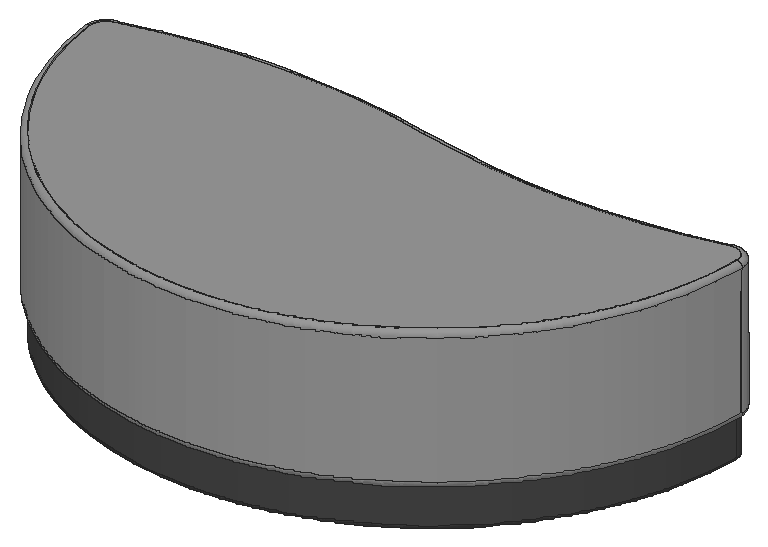
Revit family "16NS Creator Half Round Bench", category Generic Models, Revit 2018
Family settings
  Can host rebar = No
  Round Connector Dimension = Use Diameter
  Part Type = Normal
  Work Plane-Based = No
  Always vertical = Yes
  Cut with Voids When Loaded = No
  Shared = No
  Room Calculation Point = No
Parameters
  Fabric = 16NS Fabric
Reference planes (in)
  plane 1 "Center (Front/Back)": y = 0
  plane 2: z = 0
  plane 3 "Center (Left/Right)": x = 0
Forms (in)
  Extrusion 1, solid, material "16NS Fabric" <- "Fabric"
    sketch origin (0, 0, 0) x (1, 0, 0) y (0, 1, 0)
      loop
        spline (25.41721, 18.07301) -> (23.25025, 17.5331) -> (21.06517, 17.07704) -> (18.86344, 16.70503) -> (16.64912, 16.41786) -> (14.42562, 16.21593) -> (12.19586, 16.09952) -> (9.96493, 16.06879) -> (7.74126, 16.12339) -> (5.52438, 16.26275) -> (3.31452, 16.48666) -> (1.11167, 16.79533) -> (-1.08417, 17.18931)
        spline (-1.08417, 17.18931) -> (-3.31166, 17.58733) -> (-5.55147, 17.89619) -> (-7.80327, 18.11587) -> (-10.06254, 18.24581) -> (-12.32314, 18.28574) -> (-14.58492, 18.23571) -> (-16.84187, 18.09583) -> (-19.08434, 17.86718) -> (-21.31224, 17.55043) -> (-23.52565, 17.14583) -> (-25.72453, 16.65317) -> (-27.90879, 16.07185)
        spline (-27.90879, 16.07185) -> (-28.05882, 16.01903) -> (-28.2008, 15.94947) -> (-28.33467, 15.86318) -> (-28.45718, 15.76211) -> (-28.56661, 15.64794) -> (-28.66271, 15.52074) -> (-28.74291, 15.38381) -> (-28.8064, 15.23897) -> (-28.85292, 15.08633) -> (-28.8811, 14.93035) -> (-28.89088, 14.77238) -> (-28.88202, 14.61273)
        spline (-28.88202, 14.61273) -> (-27.23431, 7.84028) -> (-23.96064, 1.66707) -> (-19.26667, -3.50668) -> (-13.45985, -7.3541) -> (-6.87626, -9.65727) -> (0.08567, -10.26787) -> (6.97784, -9.14355) -> (13.363, -6.36496) -> (18.88001, -2.09101) -> (23.17929, 3.41929) -> (25.98371, 9.812) -> (27.12659, 16.70906)
        spline (27.12659, 16.70906) -> (27.11846, 16.92055) -> (27.07762, 17.12779) -> (27.00481, 17.32689) -> (26.90249, 17.51132) -> (26.7719, 17.67874) -> (26.61797, 17.8227) -> (26.44219, 17.94195) -> (26.25155, 18.0317) -> (26.04771, 18.0912) -> (25.83856, 18.11816) -> (25.62649, 18.11214) -> (25.41721, 18.07301)
    from 4 to 16.5
  Sweep 2, solid, material "16NS Fabric" <- "Fabric"
    path origin (0, 0, 0) x (1, 0, 0) y (0, 1, 0)
      loop
        spline (-28.88202, 14.61273) -> (-27.23431, 7.84028) -> (-23.96064, 1.66707) -> (-19.26667, -3.50668) -> (-13.45985, -7.3541) -> (-6.87626, -9.65727) -> (0.08567, -10.26787) -> (6.97784, -9.14355) -> (13.363, -6.36496) -> (18.88001, -2.09101) -> (23.17929, 3.41929) -> (25.98371, 9.812) -> (27.12659, 16.70906)
        spline (27.12659, 16.70906) -> (27.11846, 16.92055) -> (27.07762, 17.12779) -> (27.00481, 17.32689) -> (26.90249, 17.51132) -> (26.7719, 17.67874) -> (26.61797, 17.8227) -> (26.44219, 17.94195) -> (26.25155, 18.0317) -> (26.04771, 18.0912) -> (25.83856, 18.11816) -> (25.62649, 18.11214) -> (25.41721, 18.07301)
        spline (25.41721, 18.07301) -> (23.25025, 17.5331) -> (21.06517, 17.07704) -> (18.86344, 16.70503) -> (16.64912, 16.41786) -> (14.42562, 16.21593) -> (12.19586, 16.09952) -> (9.96493, 16.06879) -> (7.74126, 16.12339) -> (5.52438, 16.26275) -> (3.31452, 16.48666) -> (1.11167, 16.79533) -> (-1.08417, 17.18931)
        spline (-1.08417, 17.18931) -> (-3.31166, 17.58733) -> (-5.55147, 17.89619) -> (-7.80327, 18.11587) -> (-10.06254, 18.24581) -> (-12.32314, 18.28574) -> (-14.58492, 18.23571) -> (-16.84187, 18.09583) -> (-19.08434, 17.86718) -> (-21.31224, 17.55043) -> (-23.52565, 17.14583) -> (-25.72453, 16.65317) -> (-27.90879, 16.07185)
        spline (-27.90879, 16.07185) -> (-28.05882, 16.01903) -> (-28.2008, 15.94947) -> (-28.33467, 15.86318) -> (-28.45718, 15.76211) -> (-28.56661, 15.64794) -> (-28.66271, 15.52074) -> (-28.74291, 15.38381) -> (-28.8064, 15.23897) -> (-28.85292, 15.08633) -> (-28.8811, 14.93035) -> (-28.89088, 14.77238) -> (-28.88202, 14.61273)
    profile origin (0.08567, -10.26787, 0) x (-0.037156, 0.999309, 0) y (0, 0, 1)
      loop
        line (0, 4) -> (0, 16.5)
        arc (0, 16.5) -> (-0.34649, 16.35648) -> (-0.49001, 16.00999) r 0.49001
        line (-0.49001, 16.00999) -> (-0.49001, 4.49001)
        arc (-0.49001, 4.49001) -> (-0.34649, 4.14352) -> (0, 4) r 0.49001
  Extrusion 3, solid, material "16NS Frame"
    sketch origin (0, 0, 0) x (1, 0, 0) y (0, 1, 0)
      loop
        spline (-1.13303, 16.94413) -> (-3.35066, 17.34044) -> (-5.5808, 17.64791) -> (-7.82305, 17.86657) -> (-10.072, 17.99599) -> (-12.32255, 18.03574) -> (-14.57442, 17.98593) -> (-16.82154, 17.84666) -> (-19.05399, 17.61903) -> (-21.272, 17.3037) -> (-23.47584, 16.90084) -> (-25.66509, 16.41036) -> (-27.8397, 15.83159)
        spline (-27.8397, 15.83159) -> (-27.96238, 15.7884) -> (-28.07804, 15.73163) -> (-28.18672, 15.66159) -> (-28.28688, 15.57913) -> (-28.3767, 15.48534) -> (-28.45483, 15.38187) -> (-28.52014, 15.27035) -> (-28.57198, 15.15193) -> (-28.60981, 15.02783) -> (-28.63299, 14.90025) -> (-28.64097, 14.77121) -> (-28.63365, 14.64126)
        spline (-28.63365, 14.64126) -> (-27.00059, 7.92905) -> (-23.75606, 1.81074) -> (-19.10362, -3.31727) -> (-13.3482, -7.13035) -> (-6.82355, -9.41287) -> (0.07638, -10.01804) -> (6.90738, -8.90369) -> (13.2357, -6.14981) -> (18.70356, -1.91391) -> (22.96458, 3.54735) -> (25.74396, 9.88289) -> (26.87679, 16.71894)
        spline (26.87679, 16.71894) -> (26.8703, 16.8913) -> (26.83669, 17.06037) -> (26.77733, 17.2232) -> (26.69392, 17.37339) -> (26.58748, 17.51007) -> (26.462, 17.62732) -> (26.3184, 17.72476) -> (26.16305, 17.79791) -> (25.99647, 17.84651) -> (25.82598, 17.86853) -> (25.65342, 17.8635) -> (25.4823, 17.83163)
        spline (25.4823, 17.83163) -> (23.30604, 17.2894) -> (21.11148, 16.83136) -> (18.90039, 16.45779) -> (16.67648, 16.16936) -> (14.44348, 15.96657) -> (12.20397, 15.84966) -> (9.9637, 15.81879) -> (7.73032, 15.87364) -> (5.50397, 16.01355) -> (3.28455, 16.23837) -> (1.0722, 16.5484) -> (-1.13303, 16.94413)
    from 0.5 to 4
  Sweep 4, solid, material "16NS Frame"
    path origin (0, 0, 0) x (1, 0, 0) y (0, 1, 0)
      loop
        spline (-1.13303, 16.94413) -> (-3.35066, 17.34044) -> (-5.5808, 17.64791) -> (-7.82305, 17.86657) -> (-10.072, 17.99599) -> (-12.32255, 18.03574) -> (-14.57442, 17.98593) -> (-16.82154, 17.84666) -> (-19.05399, 17.61903) -> (-21.272, 17.3037) -> (-23.47584, 16.90084) -> (-25.66509, 16.41036) -> (-27.8397, 15.83159)
        spline (-27.8397, 15.83159) -> (-27.96238, 15.7884) -> (-28.07804, 15.73163) -> (-28.18672, 15.66159) -> (-28.28688, 15.57913) -> (-28.3767, 15.48534) -> (-28.45483, 15.38187) -> (-28.52014, 15.27035) -> (-28.57198, 15.15193) -> (-28.60981, 15.02783) -> (-28.63299, 14.90025) -> (-28.64097, 14.77121) -> (-28.63365, 14.64126)
        spline (-28.63365, 14.64126) -> (-27.00059, 7.92905) -> (-23.75606, 1.81074) -> (-19.10362, -3.31727) -> (-13.3482, -7.13035) -> (-6.82355, -9.41287) -> (0.07638, -10.01804) -> (6.90738, -8.90369) -> (13.2357, -6.14981) -> (18.70356, -1.91391) -> (22.96458, 3.54735) -> (25.74396, 9.88289) -> (26.87679, 16.71894)
        spline (26.87679, 16.71894) -> (26.8703, 16.8913) -> (26.83669, 17.06037) -> (26.77733, 17.2232) -> (26.69392, 17.37339) -> (26.58748, 17.51007) -> (26.462, 17.62732) -> (26.3184, 17.72476) -> (26.16305, 17.79791) -> (25.99647, 17.84651) -> (25.82598, 17.86853) -> (25.65342, 17.8635) -> (25.4823, 17.83163)
        spline (25.4823, 17.83163) -> (23.30604, 17.2894) -> (21.11148, 16.83136) -> (18.90039, 16.45779) -> (16.67648, 16.16936) -> (14.44348, 15.96657) -> (12.20397, 15.84966) -> (9.9637, 15.81879) -> (7.73032, 15.87364) -> (5.50397, 16.01355) -> (3.28455, 16.23837) -> (1.0722, 16.5484) -> (-1.13303, 16.94413)
    profile origin (-14.57442, 17.98593, 0) x (0.042006, -0.999117, 0) y (0, 0, 1)
      loop
        line (0, 0.5) -> (0, 4) -> (-0.24957, 4) -> (-0.24957, 0.75)
        arc (-0.24957, 0.75) -> (-0.1765, 0.57338) -> (0, 0.5) r 0.25
  Revolve 5, solid, material "16NS Gliders"
    sketch origin (0, 14.29168, 0) x (1, 0, 0) y (0, 0, 1)
      loop
        line (-26.441, 0.5) -> (-26.816, 0.5) -> (-26.816, 0) -> (-26.68982, 0)
        arc (-26.68982, 0) -> (-26.51388, 0.07288) -> (-26.441, 0.24881) r 0.24881
        line (-26.441, 0.24881) -> (-26.441, 0.5)
      axis (-26.816, 0) -> (-26.816, 0.5)
    angle from 0 to 360
  Revolve 6, solid, material "16NS Gliders"
    sketch origin (25.35268, 15.21833, 0) x (1, 0, 0) y (0, 0, 1)
      loop
        line (-26.441, 0.5) -> (-26.816, 0.5) -> (-26.816, 0) -> (-26.68982, 0)
        arc (-26.68982, 0) -> (-26.51388, 0.07288) -> (-26.441, 0.24881) r 0.24881
        line (-26.441, 0.24881) -> (-26.441, 0.5)
      axis (-26.816, 0) -> (-26.816, 0.5)
    angle from 0 to 360
  Revolve 7, solid, material "16NS Gliders"
    sketch origin (51.89384, 15.90422, 0) x (1, 0, 0) y (0, 0, 1)
      loop
        line (-26.441, 0.5) -> (-26.816, 0.5) -> (-26.816, 0) -> (-26.68982, 0)
        arc (-26.68982, 0) -> (-26.51388, 0.07288) -> (-26.441, 0.24881) r 0.24881
        line (-26.441, 0.24881) -> (-26.441, 0.5)
      axis (-26.816, 0) -> (-26.816, 0.5)
    angle from 0 to 360
  Revolve 8, solid, material "16NS Gliders"
    sketch origin (38.91238, -4.77727, 0) x (1, 0, 0) y (0, 0, 1)
      loop
        line (-26.441, 0.5) -> (-26.816, 0.5) -> (-26.816, 0) -> (-26.68982, 0)
        arc (-26.68982, 0) -> (-26.51388, 0.07288) -> (-26.441, 0.24881) r 0.24881
        line (-26.441, 0.24881) -> (-26.441, 0.5)
      axis (-26.816, 0) -> (-26.816, 0.5)
    angle from 0 to 360
  Revolve 9, solid, material "16NS Gliders"
    sketch origin (12.80261, -4.77727, 0) x (1, 0, 0) y (0, 0, 1)
      loop
        line (-26.441, 0.5) -> (-26.816, 0.5) -> (-26.816, 0) -> (-26.68982, 0)
        arc (-26.68982, 0) -> (-26.51388, 0.07288) -> (-26.441, 0.24881) r 0.24881
        line (-26.441, 0.24881) -> (-26.441, 0.5)
      axis (-26.816, 0) -> (-26.816, 0.5)
    angle from 0 to 360
Dimensions and locks (in)
  aligned and locked: plane 2 to level
